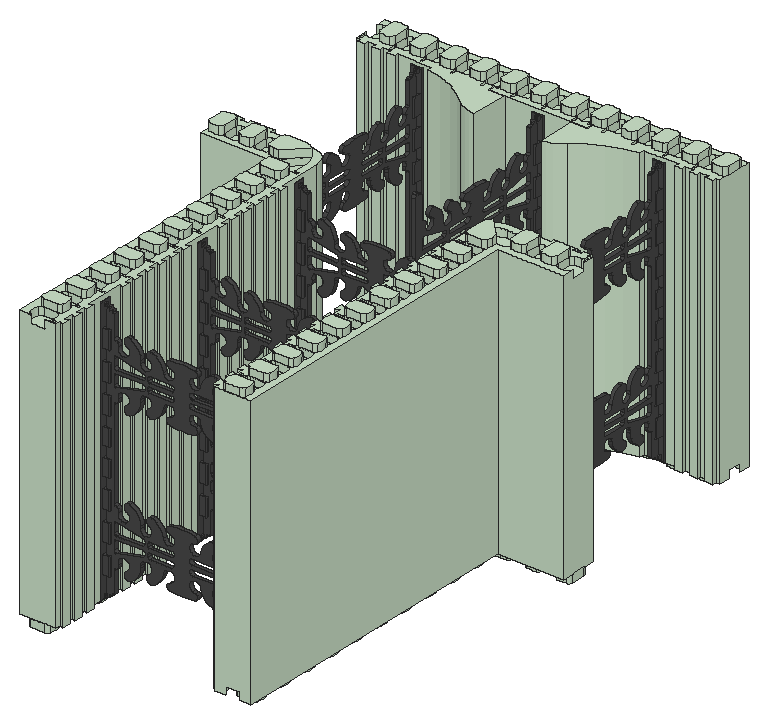
Revit family "ICF- NUDURA 10-inch- Long T Form Unit- Imperial", category Generic Models, Revit 2010 (continued)
Nested families (in)
  nested 74: "Interlock Tooth" at (2, -0.00002, 0) x (-1, 0, 0) z (0, 0, 1), type "Interlock Tooth"
  nested 75: "Interlock Tooth" at (1, -0.00002, -18.5) x (-1, 0, 0) z (0, 0, 1), type "Interlock Tooth"
  nested 76: "Interlock Tooth" at (3, -0.00002, -18.5) x (-1, 0, 0) z (0, 0, 1), type "Interlock Tooth"
  nested 77: "Interlock Tooth" at (0, -0.00002, 0) x (-1, 0, 0) z (0, 0, 1), type "Interlock Tooth"
  nested 78: "NUDURA Logo Diamond" at (21.99744, 5.625, 0) x (-1, 0, 0) z (0, 0, 1), type "NUDURA Logo Diamond"
  nested 79: "NUDURA Diamond Pattern" at (-11.25, -21.99998, 0) x (0, 1, 0) z (0, 0, 1), type "NUDURA Diamond Pattern"
  nested 80: "NUDURA Logo Diamond" at (-5.625, -14.00254, 0) x (0, -1, 0) z (0, 0, 1), type "NUDURA Logo Diamond"
  nested 81: "10-inch Insert Web" at (2, -25.99998, 0) x (0, 1, 0) z (0, 0, 1), type "10-inch Insert Web"
  nested 82: "10-inch Insert Web" at (2, -17.99998, 0) x (0, 1, 0) z (0, 0, 1), type "10-inch Insert Web"
  nested 83: "10-inch Insert Web" at (2, -9.99998, 0) x (0, 1, 0) z (0, 0, 1), type "10-inch Insert Web"
  nested 84: "10-inch Insert Web" at (-6, -1.99998, 0) x (-1, 0, 0) z (0, 0, 1), type "10-inch Insert Web"
  nested 85: "10-inch Insert Web" at (10, -1.99998, 0) x (-1, 0, 0) z (0, 0, 1), type "10-inch Insert Web"
  nested 86: "Interlock Tooth" at (14, -0.00002, 0) x (-1, 0, 0) z (0, 0, 1), type "Interlock Tooth"
  nested 87: "Interlock Tooth" at (13, -0.00002, -18.5) x (-1, 0, 0) z (0, 0, 1), type "Interlock Tooth"
  nested 88: "10-inch Insert Web w One Fastening Strip" at (2, -2, 0) x (-1, 0, 0) z (0, 0, 1), type "10-inch Insert Web w One Fastening Strip"
  nested 89: "NUDURA Diamond Pattern" at (5.99744, 0, 0) x (-1, 0, 0) z (0, 0, 1), type "NUDURA Diamond Pattern"
Definition of nested family "Interlock Tooth"
  Reference planes (in)
    plane 1 "Center (Front/Back)": y = 0
    plane 2: z = 0
    plane 3 "Center (Left/Right)": x = 0
    plane 4: z = 18
    plane 5: z = 18.5
    plane 6: z = -0.5
  Forms (in)
    Extrusion 1, solid, material "NUDURA Expanded Polystyrene Foam Insulation"
      sketch origin (0, -8.875, 0) x (1, 0, 0) y (0, 1, 0)
        loop
          arc (0, 3.97692) -> (0.04785, 3.82983) -> (0.17308, 3.73905) r 0.25
          arc (0.17308, 3.73905) -> (0.5, 3.6875) -> (0.82692, 3.73905) r 1.0625
          arc (0.82692, 3.73905) -> (0.95215, 3.82983) -> (1, 3.97692) r 0.25
          line (1, 3.97692) -> (1, 4.89808)
          arc (1, 4.89808) -> (0.95215, 5.04517) -> (0.82692, 5.13595) r 0.25
          arc (0.82692, 5.13595) -> (0.5, 5.1875) -> (0.17308, 5.13595) r 1.0625
          arc (0.17308, 5.13595) -> (0.04785, 5.04517) -> (0, 4.89808) r 0.25
          line (0, 4.89808) -> (0, 3.97692)
      from 18 to 18.5
  Dimensions and locks (in)
    locked: plane 4 to level at 18
    locked: plane 4 to plane 5 at 0.5
    locked: plane 6 to level at 0.5
Definition of nested family "10-inch Insert Web"
  Reference planes (in)
    plane 1 "Center (Front/Back)": y = 0
    plane 2: z = 0
    plane 3 "Center (Left/Right)": x = 0
  Forms (in)
    Extrusion 1, solid, material "High Density Polystyrene"
      sketch origin (0, 0, 0) x (0, 1, 0) y (0, 0, 1)
        loop
          line (5.25, 0) -> (5.25, 17.74583)
          arc (5.25, 17.74583) -> (5.22112, 17.72608) -> (5.21, 17.69292) r 0.055
          line (5.21, 17.69292) -> (5.21, 0.05292)
          arc (5.21, 0.05292) -> (5.22112, 0.01975) -> (5.25, 0) r 0.055
        loop
          arc (-5.25, 0) -> (-5.22112, 0.01975) -> (-5.21, 0.05292) r 0.055
          line (-5.21, 0.05292) -> (-5.21, 17.69292)
          arc (-5.21, 17.69292) -> (-5.22112, 17.72608) -> (-5.25, 17.74583) r 0.055
          line (-5.25, 17.74583) -> (-5.25, 0)
      from 0.36328 to -0.36328
    Extrusion 2, solid, material "High Density Polystyrene"
      sketch origin (0, 0, 0) x (0, 1, 0) y (0, 0, 1)
        loop
          line (-5.12543, 17.57204) -> (-5.19457, 17.61045)
          arc (-5.19457, 17.61045) -> (-5.20585, 17.62147) -> (-5.21, 17.63668) r 0.03
          line (-5.21, 17.63668) -> (-5.21, 17.38789)
          arc (-5.21, 17.38789) -> (-5.20374, 17.40241) -> (-5.18889, 17.40785) r 0.02
          line (-5.18889, 17.40785) -> (-5.13111, 17.40464)
          arc (-5.13111, 17.40464) -> (-5.11625, 17.41008) -> (-5.11, 17.42461) r 0.02
          line (-5.11, 17.42461) -> (-5.11, 17.54582)
          arc (-5.11, 17.54582) -> (-5.11414, 17.56103) -> (-5.12543, 17.57204) r 0.03
        loop
          line (-4.5, 17.20772) -> (-4.6, 17.20772) -> (-4.6, 17.2388)
          arc (-4.6, 17.2388) -> (-4.61433, 17.27339) -> (-4.64893, 17.28772) r 0.04893
          line (-4.64893, 17.28772) -> (-4.77609, 17.28772) -> (-4.825, 17.43772)
          arc (-4.825, 17.43772) -> (-4.875, 17.46772) -> (-4.925, 17.43772) r 0.05667
          line (-4.925, 17.43772) -> (-5, 17.20772) -> (-5, 0.53811) -> (-4.925, 0.30811)
          arc (-4.925, 0.30811) -> (-4.875, 0.27811) -> (-4.825, 0.30811) r 0.05667
          line (-4.825, 0.30811) -> (-4.77609, 0.45811) -> (-4.64893, 0.45811)
          arc (-4.64893, 0.45811) -> (-4.61433, 0.47244) -> (-4.6, 0.50703) r 0.04893
          line (-4.6, 0.50703) -> (-4.6, 0.53811) -> (-4.5, 0.53811) -> (-4.5, 1.99805)
          arc (-4.5, 1.99805) -> (-4.46384, 2.08535) -> (-4.37654, 2.12151) r 0.12346
          arc (-4.37654, 2.12151) -> (-4.22754, 2.23265) -> (-4.21225, 2.41791) r 0.22602
          arc (-4.21225, 2.41791) -> (-3.72909, 2.89529) -> (-3.67178, 2.21849) r 0.375
          arc (-3.67178, 2.21849) -> (-3.82054, 1.85615) -> (-3.45819, 1.70739) r 0.27697
          arc (-3.45819, 1.70739) -> (-2.94561, 2.10506) -> (-2.74922, 2.72338) r 1.09159
          line (-2.74922, 2.72338) -> (-2.74973, 2.88837)
          arc (-2.74973, 2.88837) -> (-2.17617, 3.17809) -> (-2.18865, 2.53563) r 0.375
          arc (-2.18865, 2.53563) -> (-2.3374, 2.17328) -> (-1.97506, 2.02453) r 0.27697
          arc (-1.97506, 2.02453) -> (-1.47568, 2.34989) -> (-1.23882, 2.89683) r 1.0341
          arc (-1.23882, 2.89683) -> (-0.66526, 3.18654) -> (-0.67773, 2.54409) r 0.375
          arc (-0.67773, 2.54409) -> (-0.76612, 2.51631) -> (-0.85703, 2.49851) r 0.83414
          arc (-0.85703, 2.49851) -> (-1.02215, 2.26789) -> (-0.82272, 2.06619) r 0.22
          arc (-0.82272, 2.06619) -> (-0.41308, 2.01232) -> (0, 2.0035) r 3.77741
          arc (0, 2.0035) -> (0.41308, 2.01232) -> (0.82272, 2.06619) r 3.77741
          arc (0.82272, 2.06619) -> (1.02215, 2.26789) -> (0.85703, 2.49851) r 0.22
          arc (0.85703, 2.49851) -> (0.76612, 2.51631) -> (0.67773, 2.54409) r 0.83414
          arc (0.67773, 2.54409) -> (0.66526, 3.18654) -> (1.23882, 2.89683) r 0.375
          arc (1.23882, 2.89683) -> (1.47568, 2.34989) -> (1.97506, 2.02453) r 1.0341
          arc (1.97506, 2.02453) -> (2.3374, 2.17328) -> (2.18865, 2.53563) r 0.27697
          arc (2.18865, 2.53563) -> (2.17617, 3.17809) -> (2.74973, 2.88837) r 0.375
          line (2.74973, 2.88837) -> (2.74922, 2.72338)
          arc (2.74922, 2.72338) -> (2.94561, 2.10506) -> (3.45819, 1.70739) r 1.09159
          arc (3.45819, 1.70739) -> (3.82054, 1.85615) -> (3.67178, 2.21849) r 0.27697
          arc (3.67178, 2.21849) -> (3.72909, 2.89529) -> (4.21225, 2.41791) r 0.375
          arc (4.21225, 2.41791) -> (4.22754, 2.23265) -> (4.37654, 2.12151) r 0.22602
          arc (4.37654, 2.12151) -> (4.46384, 2.08535) -> (4.5, 1.99805) r 0.12346
          line (4.5, 1.99805) -> (4.5, 0.53811) -> (4.6, 0.53811) -> (4.6, 0.50703)
          arc (4.6, 0.50703) -> (4.61433, 0.47244) -> (4.64893, 0.45811) r 0.04893
          line (4.64893, 0.45811) -> (4.77609, 0.45811) -> (4.825, 0.30811)
          arc (4.825, 0.30811) -> (4.875, 0.27811) -> (4.925, 0.30811) r 0.05667
          line (4.925, 0.30811) -> (5, 0.53811) -> (5, 17.20772) -> (4.925, 17.43772)
          arc (4.925, 17.43772) -> (4.875, 17.46772) -> (4.825, 17.43772) r 0.05667
          line (4.825, 17.43772) -> (4.77609, 17.28772) -> (4.64893, 17.28772)
          arc (4.64893, 17.28772) -> (4.61433, 17.27339) -> (4.6, 17.2388) r 0.04893
          line (4.6, 17.2388) -> (4.6, 17.20772) -> (4.5, 17.20772) -> (4.5, 15.74778)
          arc (4.5, 15.74778) -> (4.46384, 15.66048) -> (4.37654, 15.62433) r 0.12346
          arc (4.37654, 15.62433) -> (4.22754, 15.51319) -> (4.21225, 15.32793) r 0.22602
          arc (4.21225, 15.32793) -> (3.72909, 14.85054) -> (3.67178, 15.52734) r 0.375
          arc (3.67178, 15.52734) -> (3.82054, 15.88969) -> (3.45819, 16.03844) r 0.27697
          arc (3.45819, 16.03844) -> (2.94561, 15.64077) -> (2.74922, 15.02245) r 1.09159
          line (2.74922, 15.02245) -> (2.74973, 14.85746)
          arc (2.74973, 14.85746) -> (2.17617, 14.56774) -> (2.18865, 15.2102) r 0.375
          arc (2.18865, 15.2102) -> (2.3374, 15.57255) -> (1.97506, 15.7213) r 0.27697
          arc (1.97506, 15.7213) -> (1.47568, 15.39594) -> (1.23882, 14.84901) r 1.0341
          arc (1.23882, 14.84901) -> (0.66526, 14.55929) -> (0.67773, 15.20175) r 0.375
          arc (0.67773, 15.20175) -> (0.76612, 15.22952) -> (0.85703, 15.24732) r 0.83414
          arc (0.85703, 15.24732) -> (1.02215, 15.47795) -> (0.82272, 15.67964) r 0.22
          arc (0.82272, 15.67964) -> (0.41308, 15.73351) -> (0, 15.74233) r 3.77741
          arc (0, 15.74233) -> (-0.41308, 15.73351) -> (-0.82272, 15.67964) r 3.77741
          arc (-0.82272, 15.67964) -> (-1.02215, 15.47795) -> (-0.85703, 15.24732) r 0.22
          arc (-0.85703, 15.24732) -> (-0.76612, 15.22952) -> (-0.67773, 15.20175) r 0.83414
          arc (-0.67773, 15.20175) -> (-0.66526, 14.55929) -> (-1.23882, 14.84901) r 0.375
          arc (-1.23882, 14.84901) -> (-1.47568, 15.39594) -> (-1.97506, 15.7213) r 1.0341
          arc (-1.97506, 15.7213) -> (-2.3374, 15.57255) -> (-2.18865, 15.2102) r 0.27697
          arc (-2.18865, 15.2102) -> (-2.17617, 14.56774) -> (-2.74973, 14.85746) r 0.375
          line (-2.74973, 14.85746) -> (-2.74922, 15.02245)
          arc (-2.74922, 15.02245) -> (-2.94561, 15.64077) -> (-3.45819, 16.03844) r 1.09159
          arc (-3.45819, 16.03844) -> (-3.82054, 15.88969) -> (-3.67178, 15.52734) r 0.27697
          arc (-3.67178, 15.52734) -> (-3.72909, 14.85054) -> (-4.21225, 15.32793) r 0.375
          arc (-4.21225, 15.32793) -> (-4.22754, 15.51319) -> (-4.37654, 15.62433) r 0.22602
          arc (-4.37654, 15.62433) -> (-4.46384, 15.66048) -> (-4.5, 15.74778) r 0.12346
          line (-4.5, 15.74778) -> (-4.5, 17.20772)
        loop
          line (-4.5, 11.8098) -> (-4.5, 5.93603)
          arc (-4.5, 5.93603) -> (-4.46384, 5.84874) -> (-4.37654, 5.81258) r 0.12346
          arc (-4.37654, 5.81258) -> (-4.22754, 5.70144) -> (-4.21225, 5.51618) r 0.22602
          arc (-4.21225, 5.51618) -> (-3.72909, 5.0388) -> (-3.67178, 5.71559) r 0.375
          arc (-3.67178, 5.71559) -> (-3.82054, 6.07794) -> (-3.45819, 6.2267) r 0.27697
          arc (-3.45819, 6.2267) -> (-2.94561, 5.82902) -> (-2.74922, 5.2107) r 1.09159
          line (-2.74922, 5.2107) -> (-2.74973, 5.04572)
          arc (-2.74973, 5.04572) -> (-2.17617, 4.756) -> (-2.18865, 5.39846) r 0.375
          arc (-2.18865, 5.39846) -> (-2.3374, 5.7608) -> (-1.97506, 5.90956) r 0.27697
          arc (-1.97506, 5.90956) -> (-1.47568, 5.58419) -> (-1.23882, 5.03726) r 1.0341
          arc (-1.23882, 5.03726) -> (-0.66526, 4.74754) -> (-0.67773, 5.39) r 0.375
          arc (-0.67773, 5.39) -> (-0.76612, 5.41777) -> (-0.85703, 5.43557) r 0.83414
          arc (-0.85703, 5.43557) -> (-1.02215, 5.6662) -> (-0.82272, 5.86789) r 0.22
          arc (-0.82272, 5.86789) -> (-0.41308, 5.92177) -> (0, 5.93058) r 3.77741
          arc (0, 5.93058) -> (0.41308, 5.92177) -> (0.82272, 5.86789) r 3.77741
          arc (0.82272, 5.86789) -> (1.02215, 5.6662) -> (0.85703, 5.43557) r 0.22
          arc (0.85703, 5.43557) -> (0.76612, 5.41777) -> (0.67773, 5.39) r 0.83414
          arc (0.67773, 5.39) -> (0.66526, 4.74754) -> (1.23882, 5.03726) r 0.375
          arc (1.23882, 5.03726) -> (1.47568, 5.58419) -> (1.97506, 5.90956) r 1.0341
          arc (1.97506, 5.90956) -> (2.3374, 5.7608) -> (2.18865, 5.39846) r 0.27697
          arc (2.18865, 5.39846) -> (2.17617, 4.756) -> (2.74973, 5.04572) r 0.375
          line (2.74973, 5.04572) -> (2.74922, 5.2107)
          arc (2.74922, 5.2107) -> (2.94561, 5.82902) -> (3.45819, 6.2267) r 1.09159
          arc (3.45819, 6.2267) -> (3.82054, 6.07794) -> (3.67178, 5.71559) r 0.27697
          arc (3.67178, 5.71559) -> (3.72909, 5.0388) -> (4.21225, 5.51618) r 0.375
          arc (4.21225, 5.51618) -> (4.22754, 5.70144) -> (4.37654, 5.81258) r 0.22602
          arc (4.37654, 5.81258) -> (4.46384, 5.84874) -> (4.5, 5.93603) r 0.12346
          line (4.5, 5.93603) -> (4.5, 11.8098)
          arc (4.5, 11.8098) -> (4.46384, 11.89709) -> (4.37654, 11.93325) r 0.12346
          arc (4.37654, 11.93325) -> (4.22754, 12.04439) -> (4.21225, 12.22965) r 0.22602
          arc (4.21225, 12.22965) -> (3.72909, 12.70704) -> (3.67178, 12.03024) r 0.375
          arc (3.67178, 12.03024) -> (3.82054, 11.66789) -> (3.45819, 11.51914) r 0.27697
          arc (3.45819, 11.51914) -> (2.94561, 11.91681) -> (2.74922, 12.53513) r 1.09159
          line (2.74922, 12.53513) -> (2.74973, 12.70012)
          arc (2.74973, 12.70012) -> (2.17617, 12.98983) -> (2.18865, 12.34738) r 0.375
          arc (2.18865, 12.34738) -> (2.3374, 11.98503) -> (1.97506, 11.83627) r 0.27697
          arc (1.97506, 11.83627) -> (1.47568, 12.16164) -> (1.23882, 12.70857) r 1.0341
          arc (1.23882, 12.70857) -> (0.66526, 12.99829) -> (0.67773, 12.35583) r 0.375
          arc (0.67773, 12.35583) -> (0.76612, 12.32806) -> (0.85703, 12.31026) r 0.83414
          arc (0.85703, 12.31026) -> (1.02215, 12.07963) -> (0.82272, 11.87794) r 0.22
          arc (0.82272, 11.87794) -> (0.41308, 11.82406) -> (0, 11.81525) r 3.77741
          arc (0, 11.81525) -> (-0.41308, 11.82406) -> (-0.82272, 11.87794) r 3.77741
          arc (-0.82272, 11.87794) -> (-1.02215, 12.07963) -> (-0.85703, 12.31026) r 0.22
          arc (-0.85703, 12.31026) -> (-0.76612, 12.32806) -> (-0.67773, 12.35583) r 0.83414
          arc (-0.67773, 12.35583) -> (-0.66526, 12.99829) -> (-1.23882, 12.70857) r 0.375
          arc (-1.23882, 12.70857) -> (-1.47568, 12.16164) -> (-1.97506, 11.83627) r 1.0341
          arc (-1.97506, 11.83627) -> (-2.3374, 11.98503) -> (-2.18865, 12.34738) r 0.27697
          arc (-2.18865, 12.34738) -> (-2.17617, 12.98983) -> (-2.74973, 12.70012) r 0.375
          line (-2.74973, 12.70012) -> (-2.74922, 12.53513)
          arc (-2.74922, 12.53513) -> (-2.94561, 11.91681) -> (-3.45819, 11.51914) r 1.09159
          arc (-3.45819, 11.51914) -> (-3.82054, 11.66789) -> (-3.67178, 12.03024) r 0.27697
          arc (-3.67178, 12.03024) -> (-3.72909, 12.70704) -> (-4.21225, 12.22965) r 0.375
          arc (-4.21225, 12.22965) -> (-4.22754, 12.04439) -> (-4.37654, 11.93325) r 0.22602
          arc (-4.37654, 11.93325) -> (-4.46384, 11.89709) -> (-4.5, 11.8098) r 0.12346
        loop
          arc (-4.33112, 14.73097) -> (-4.45054, 14.68151) -> (-4.5, 14.56209) r 0.16888
          line (-4.5, 14.56209) -> (-4.5, 14.04372)
          arc (-4.5, 14.04372) -> (-4.44996, 13.92293) -> (-4.32917, 13.87289) r 0.17083
          line (-4.32917, 13.87289) -> (-2.57764, 13.87289)
          arc (-2.57764, 13.87289) -> (-2.48926, 13.9095) -> (-2.45264, 13.99789) r 0.125
          line (-2.45264, 13.99789) -> (-2.45264, 14.21018)
          arc (-2.45264, 14.21018) -> (-2.48008, 14.28832) -> (-2.55033, 14.33216) r 0.125
          line (-2.55033, 14.33216) -> (-4.33112, 14.73097)
        loop
          line (-2.26514, 14.18276) -> (-2.26514, 13.99876)
          arc (-2.26514, 13.99876) -> (-2.22853, 13.91037) -> (-2.14014, 13.87376) r 0.125
          line (-2.14014, 13.87376) -> (-0.70065, 13.87376)
          arc (-0.70065, 13.87376) -> (-0.48365, 14.09076) -> (-0.70065, 14.30776) r 0.217
          line (-0.70065, 14.30776) -> (-2.14014, 14.30776)
          arc (-2.14014, 14.30776) -> (-2.22853, 14.27115) -> (-2.26514, 14.18276) r 0.125
        loop
          line (-4.33112, 12.82661) -> (-2.55033, 13.22542)
          arc (-2.55033, 13.22542) -> (-2.48008, 13.26926) -> (-2.45264, 13.3474) r 0.125
          line (-2.45264, 13.3474) -> (-2.45264, 13.55969)
          arc (-2.45264, 13.55969) -> (-2.48926, 13.64807) -> (-2.57764, 13.68469) r 0.125
          line (-2.57764, 13.68469) -> (-4.32917, 13.68469)
          arc (-4.32917, 13.68469) -> (-4.44996, 13.63465) -> (-4.5, 13.51386) r 0.17083
          line (-4.5, 13.51386) -> (-4.5, 12.99549)
          arc (-4.5, 12.99549) -> (-4.45054, 12.87607) -> (-4.33112, 12.82661) r 0.16888
        loop
          arc (-2.26514, 13.37482) -> (-2.22853, 13.28643) -> (-2.14014, 13.24982) r 0.125
          line (-2.14014, 13.24982) -> (-0.70065, 13.24982)
          arc (-0.70065, 13.24982) -> (-0.48365, 13.46682) -> (-0.70065, 13.68382) r 0.217
          line (-0.70065, 13.68382) -> (-2.14014, 13.68382)
          arc (-2.14014, 13.68382) -> (-2.22853, 13.64721) -> (-2.26514, 13.55882) r 0.125
          line (-2.26514, 13.55882) -> (-2.26514, 13.37482)
        loop
          arc (5.12543, 17.57204) -> (5.11414, 17.56103) -> (5.11, 17.54582) r 0.03
          line (5.11, 17.54582) -> (5.11, 17.42461)
          arc (5.11, 17.42461) -> (5.11625, 17.41008) -> (5.13111, 17.40464) r 0.02
          line (5.13111, 17.40464) -> (5.18889, 17.40785)
          arc (5.18889, 17.40785) -> (5.20374, 17.40241) -> (5.21, 17.38789) r 0.02
          line (5.21, 17.38789) -> (5.21, 17.63668)
          arc (5.21, 17.63668) -> (5.20585, 17.62147) -> (5.19457, 17.61045) r 0.03
          line (5.19457, 17.61045) -> (5.12543, 17.57204)
        loop
          line (4.33112, 14.73097) -> (2.55033, 14.33216)
          arc (2.55033, 14.33216) -> (2.48008, 14.28832) -> (2.45264, 14.21018) r 0.125
          line (2.45264, 14.21018) -> (2.45264, 13.99789)
          arc (2.45264, 13.99789) -> (2.48926, 13.9095) -> (2.57764, 13.87289) r 0.125
          line (2.57764, 13.87289) -> (4.32917, 13.87289)
          arc (4.32917, 13.87289) -> (4.44996, 13.92293) -> (4.5, 14.04372) r 0.17083
          line (4.5, 14.04372) -> (4.5, 14.56209)
          arc (4.5, 14.56209) -> (4.45054, 14.68151) -> (4.33112, 14.73097) r 0.16888
        loop
          arc (2.26514, 14.18276) -> (2.22853, 14.27115) -> (2.14014, 14.30776) r 0.125
          line (2.14014, 14.30776) -> (0.70065, 14.30776)
          arc (0.70065, 14.30776) -> (0.48365, 14.09076) -> (0.70065, 13.87376) r 0.217
          line (0.70065, 13.87376) -> (2.14014, 13.87376)
          arc (2.14014, 13.87376) -> (2.22853, 13.91037) -> (2.26514, 13.99876) r 0.125
          line (2.26514, 13.99876) -> (2.26514, 14.18276)
        loop
          arc (4.33112, 12.82661) -> (4.45054, 12.87607) -> (4.5, 12.99549) r 0.16888
          line (4.5, 12.99549) -> (4.5, 13.51386)
          arc (4.5, 13.51386) -> (4.44996, 13.63465) -> (4.32917, 13.68469) r 0.17083
          line (4.32917, 13.68469) -> (2.57764, 13.68469)
          arc (2.57764, 13.68469) -> (2.48926, 13.64807) -> (2.45264, 13.55969) r 0.125
          line (2.45264, 13.55969) -> (2.45264, 13.3474)
          arc (2.45264, 13.3474) -> (2.48008, 13.26926) -> (2.55033, 13.22542) r 0.125
          line (2.55033, 13.22542) -> (4.33112, 12.82661)
        loop
          line (2.26514, 13.37482) -> (2.26514, 13.55882)
          arc (2.26514, 13.55882) -> (2.22853, 13.64721) -> (2.14014, 13.68382) r 0.125
          line (2.14014, 13.68382) -> (0.70065, 13.68382)
          arc (0.70065, 13.68382) -> (0.48365, 13.46682) -> (0.70065, 13.24982) r 0.217
          line (0.70065, 13.24982) -> (2.14014, 13.24982)
          arc (2.14014, 13.24982) -> (2.22853, 13.28643) -> (2.26514, 13.37482) r 0.125
        loop
          arc (-5.12543, 0.17379) -> (-5.11414, 0.1848) -> (-5.11, 0.20001) r 0.03
          line (-5.11, 0.20001) -> (-5.11, 0.32122)
          arc (-5.11, 0.32122) -> (-5.11625, 0.33575) -> (-5.13111, 0.34119) r 0.02
          line (-5.13111, 0.34119) -> (-5.18889, 0.33798)
          arc (-5.18889, 0.33798) -> (-5.20374, 0.34342) -> (-5.21, 0.35795) r 0.02
          line (-5.21, 0.35795) -> (-5.21, 0.10915)
          arc (-5.21, 0.10915) -> (-5.20585, 0.12437) -> (-5.19457, 0.13538) r 0.03
          line (-5.19457, 0.13538) -> (-5.12543, 0.17379)
        loop
          line (-4.33112, 3.01486) -> (-2.55033, 3.41367)
          arc (-2.55033, 3.41367) -> (-2.48008, 3.45752) -> (-2.45264, 3.53565) r 0.125
          line (-2.45264, 3.53565) -> (-2.45264, 3.74794)
          arc (-2.45264, 3.74794) -> (-2.48926, 3.83633) -> (-2.57764, 3.87294) r 0.125
          line (-2.57764, 3.87294) -> (-4.32917, 3.87294)
          arc (-4.32917, 3.87294) -> (-4.44996, 3.8229) -> (-4.5, 3.70211) r 0.17083
          line (-4.5, 3.70211) -> (-4.5, 3.18374)
          arc (-4.5, 3.18374) -> (-4.45054, 3.06432) -> (-4.33112, 3.01486) r 0.16888
        loop
          arc (-2.26514, 3.56307) -> (-2.22853, 3.47469) -> (-2.14014, 3.43807) r 0.125
          line (-2.14014, 3.43807) -> (-0.70065, 3.43807)
          arc (-0.70065, 3.43807) -> (-0.48365, 3.65507) -> (-0.70065, 3.87207) r 0.217
          line (-0.70065, 3.87207) -> (-2.14014, 3.87207)
          arc (-2.14014, 3.87207) -> (-2.22853, 3.83546) -> (-2.26514, 3.74707) r 0.125
          line (-2.26514, 3.74707) -> (-2.26514, 3.56307)
        loop
          arc (-4.33112, 4.91923) -> (-4.45054, 4.86976) -> (-4.5, 4.75034) r 0.16888
          line (-4.5, 4.75034) -> (-4.5, 4.23198)
          arc (-4.5, 4.23198) -> (-4.44996, 4.11118) -> (-4.32917, 4.06115) r 0.17083
          line (-4.32917, 4.06115) -> (-2.57764, 4.06115)
          arc (-2.57764, 4.06115) -> (-2.48926, 4.09776) -> (-2.45264, 4.18615) r 0.125
          line (-2.45264, 4.18615) -> (-2.45264, 4.39843)
          arc (-2.45264, 4.39843) -> (-2.48008, 4.47657) -> (-2.55033, 4.52041) r 0.125
          line (-2.55033, 4.52041) -> (-4.33112, 4.91923)
        loop
          line (-2.26514, 4.37101) -> (-2.26514, 4.18701)
          arc (-2.26514, 4.18701) -> (-2.22853, 4.09863) -> (-2.14014, 4.06201) r 0.125
          line (-2.14014, 4.06201) -> (-0.70065, 4.06201)
          arc (-0.70065, 4.06201) -> (-0.48365, 4.27901) -> (-0.70065, 4.49601) r 0.217
          line (-0.70065, 4.49601) -> (-2.14014, 4.49601)
          arc (-2.14014, 4.49601) -> (-2.22853, 4.4594) -> (-2.26514, 4.37101) r 0.125
        loop
          line (5.12543, 0.17379) -> (5.19457, 0.13538)
          arc (5.19457, 0.13538) -> (5.20585, 0.12437) -> (5.21, 0.10915) r 0.03
          line (5.21, 0.10915) -> (5.21, 0.35795)
          arc (5.21, 0.35795) -> (5.20374, 0.34342) -> (5.18889, 0.33798) r 0.02
          line (5.18889, 0.33798) -> (5.13111, 0.34119)
          arc (5.13111, 0.34119) -> (5.11625, 0.33575) -> (5.11, 0.32122) r 0.02
          line (5.11, 0.32122) -> (5.11, 0.20001)
          arc (5.11, 0.20001) -> (5.11414, 0.1848) -> (5.12543, 0.17379) r 0.03
        loop
          arc (4.33112, 3.01486) -> (4.45054, 3.06432) -> (4.5, 3.18374) r 0.16888
          line (4.5, 3.18374) -> (4.5, 3.70211)
          arc (4.5, 3.70211) -> (4.44996, 3.8229) -> (4.32917, 3.87294) r 0.17083
          line (4.32917, 3.87294) -> (2.57764, 3.87294)
          arc (2.57764, 3.87294) -> (2.48926, 3.83633) -> (2.45264, 3.74794) r 0.125
          line (2.45264, 3.74794) -> (2.45264, 3.53565)
          arc (2.45264, 3.53565) -> (2.48008, 3.45752) -> (2.55033, 3.41367) r 0.125
          line (2.55033, 3.41367) -> (4.33112, 3.01486)
        loop
          line (2.26514, 3.56307) -> (2.26514, 3.74707)
          arc (2.26514, 3.74707) -> (2.22853, 3.83546) -> (2.14014, 3.87207) r 0.125
          line (2.14014, 3.87207) -> (0.70065, 3.87207)
          arc (0.70065, 3.87207) -> (0.48365, 3.65507) -> (0.70065, 3.43807) r 0.217
          line (0.70065, 3.43807) -> (2.14014, 3.43807)
          arc (2.14014, 3.43807) -> (2.22853, 3.47469) -> (2.26514, 3.56307) r 0.125
        loop
          line (4.33112, 4.91923) -> (2.55033, 4.52041)
          arc (2.55033, 4.52041) -> (2.48008, 4.47657) -> (2.45264, 4.39843) r 0.125
          line (2.45264, 4.39843) -> (2.45264, 4.18615)
          arc (2.45264, 4.18615) -> (2.48926, 4.09776) -> (2.57764, 4.06115) r 0.125
          line (2.57764, 4.06115) -> (4.32917, 4.06115)
          arc (4.32917, 4.06115) -> (4.44996, 4.11118) -> (4.5, 4.23198) r 0.17083
          line (4.5, 4.23198) -> (4.5, 4.75034)
          arc (4.5, 4.75034) -> (4.45054, 4.86976) -> (4.33112, 4.91923) r 0.16888
        loop
          arc (2.26514, 4.37101) -> (2.22853, 4.4594) -> (2.14014, 4.49601) r 0.125
          line (2.14014, 4.49601) -> (0.70065, 4.49601)
          arc (0.70065, 4.49601) -> (0.48365, 4.27901) -> (0.70065, 4.06201) r 0.217
          line (0.70065, 4.06201) -> (2.14014, 4.06201)
          arc (2.14014, 4.06201) -> (2.22853, 4.09863) -> (2.26514, 4.18701) r 0.125
          line (2.26514, 4.18701) -> (2.26514, 4.37101)
      from 0.125 to -0.125
    Extrusion 3, solid, material "High Density Polystyrene"
      sketch origin (0, 0, 0) x (0, 1, 0) y (0, 0, 1)
        loop
          line (5.21, 16.17792) -> (4.71, 16.17792) -> (4.71, 14.97792) -> (5.21, 14.97792) -> (5.21, 16.17792)
        loop
          line (5.21, 14.22792) -> (4.71, 14.22792) -> (4.71, 13.02792) -> (5.21, 13.02792) -> (5.21, 14.22792)
        loop
          line (5.21, 12.27792) -> (4.71, 12.27792) -> (4.71, 11.07792) -> (5.21, 11.07792) -> (5.21, 12.27792)
        loop
          line (5.21, 10.32792) -> (4.71, 10.32792) -> (4.71, 9.24792) -> (5.21, 9.24792) -> (5.21, 10.32792)
        loop
          line (5.21, 8.49792) -> (4.71, 8.49792) -> (4.71, 7.41792) -> (5.21, 7.41792) -> (5.21, 8.49792)
        loop
          line (5.21, 6.66792) -> (4.71, 6.66792) -> (4.71, 5.46792) -> (5.21, 5.46792) -> (5.21, 6.66792)
        loop
          line (5.21, 4.71792) -> (4.71, 4.71792) -> (4.71, 3.51792) -> (5.21, 3.51792) -> (5.21, 4.71792)
        loop
          line (5.21, 2.76792) -> (4.71, 2.76792) -> (4.71, 1.56792) -> (5.21, 1.56792) -> (5.21, 2.76792)
        loop
          line (-5.21, 16.17792) -> (-5.21, 14.97792) -> (-4.71, 14.97792) -> (-4.71, 16.17792) -> (-5.21, 16.17792)
        loop
          line (-5.21, 14.22792) -> (-5.21, 13.02792) -> (-4.71, 13.02792) -> (-4.71, 14.22792) -> (-5.21, 14.22792)
        loop
          line (-5.21, 12.27792) -> (-5.21, 11.07792) -> (-4.71, 11.07792) -> (-4.71, 12.27792) -> (-5.21, 12.27792)
        loop
          line (-5.21, 10.32792) -> (-5.21, 9.24792) -> (-4.71, 9.24792) -> (-4.71, 10.32792) -> (-5.21, 10.32792)
        loop
          line (-5.21, 8.49792) -> (-5.21, 7.41792) -> (-4.71, 7.41792) -> (-4.71, 8.49792) -> (-5.21, 8.49792)
        loop
          line (-5.21, 6.66792) -> (-5.21, 5.46792) -> (-4.71, 5.46792) -> (-4.71, 6.66792) -> (-5.21, 6.66792)
        loop
          line (-5.21, 4.71792) -> (-5.21, 3.51792) -> (-4.71, 3.51792) -> (-4.71, 4.71792) -> (-5.21, 4.71792)
        loop
          line (-5.21, 2.76792) -> (-5.21, 1.56792) -> (-4.71, 1.56792) -> (-4.71, 2.76792) -> (-5.21, 2.76792)
      from 0.25 to -0.25
    Extrusion 4, void
      sketch origin (0, 2, 0) x (1, 0, 0) y (0, 1, 0)
        loop
          line (-0.25, 2.79249) -> (-0.25, 2.71) -> (-0.1675, 2.71)
          arc (-0.1675, 2.71) -> (-0.22584, 2.73416) -> (-0.25, 2.79249) r 0.0825
      from 0 to 18
    Extrusion 5, void
      sketch origin (0, 2, 0) x (-1, 0, 0) y (0, -1, 0)
        loop
          arc (-0.25, -2.79249) -> (-0.22584, -2.73416) -> (-0.1675, -2.71) r 0.0825
          line (-0.1675, -2.71) -> (-0.25, -2.71) -> (-0.25, -2.79249)
      from 0 to 18
    Extrusion 6, void
      sketch origin (0, -2, 0) x (1, 0, 0) y (0, 1, 0)
        loop
          arc (-0.25, -2.79249) -> (-0.22584, -2.73416) -> (-0.1675, -2.71) r 0.0825
          line (-0.1675, -2.71) -> (-0.25, -2.71) -> (-0.25, -2.79249)
      from 0 to 18
    Extrusion 7, void
      sketch origin (0, -2, 0) x (-1, 0, 0) y (0, -1, 0)
        loop
          line (-0.25, 2.79249) -> (-0.25, 2.71) -> (-0.1675, 2.71)
          arc (-0.1675, 2.71) -> (-0.22584, 2.73416) -> (-0.25, 2.79249) r 0.0825
      from 0 to 18
  Cuts and joins
    Extrusion 4, Extrusion 5, Extrusion 6, Extrusion 7 cuts Extrusion 1
    Extrusion 4, Extrusion 5, Extrusion 6, Extrusion 7 cuts Extrusion 3
Definition of nested family "10-inch Insert Web w One Fastening Strip"
  Reference planes (in)
    plane 1 "Center (Front/Back)": y = 0
    plane 2: z = 0
    plane 3 "Center (Left/Right)": x = 0
  Forms (in)
    Extrusion 1, solid, material "High Density Polystyrene"
      sketch origin (0, 0, 0) x (0, 1, 0) y (0, 0, 1)
        loop
          arc (-5.25, 0) -> (-5.22112, 0.01975) -> (-5.21, 0.05292) r 0.055
          line (-5.21, 0.05292) -> (-5.21, 17.69292)
          arc (-5.21, 17.69292) -> (-5.22112, 17.72608) -> (-5.25, 17.74583) r 0.055
          line (-5.25, 17.74583) -> (-5.25, 0)
      from 0.36328 to -0.36328
    Extrusion 2, solid, material "High Density Polystyrene"
      sketch origin (0, 0, 0) x (0, 1, 0) y (0, 0, 1)
        loop
          line (-5.12543, 17.57204) -> (-5.19457, 17.61045)
          arc (-5.19457, 17.61045) -> (-5.20585, 17.62147) -> (-5.21, 17.63668) r 0.03
          line (-5.21, 17.63668) -> (-5.21, 17.38789)
          arc (-5.21, 17.38789) -> (-5.20374, 17.40241) -> (-5.18889, 17.40785) r 0.02
          line (-5.18889, 17.40785) -> (-5.13111, 17.40464)
          arc (-5.13111, 17.40464) -> (-5.11625, 17.41008) -> (-5.11, 17.42461) r 0.02
          line (-5.11, 17.42461) -> (-5.11, 17.54582)
          arc (-5.11, 17.54582) -> (-5.11414, 17.56103) -> (-5.12543, 17.57204) r 0.03
        loop
          line (-4.5, 17.20772) -> (-4.6, 17.20772) -> (-4.6, 17.2388)
          arc (-4.6, 17.2388) -> (-4.61433, 17.27339) -> (-4.64893, 17.28772) r 0.04893
          line (-4.64893, 17.28772) -> (-4.77609, 17.28772) -> (-4.825, 17.43772)
          arc (-4.825, 17.43772) -> (-4.875, 17.46772) -> (-4.925, 17.43772) r 0.05667
          line (-4.925, 17.43772) -> (-5, 17.20772) -> (-5, 0.53811) -> (-4.925, 0.30811)
          arc (-4.925, 0.30811) -> (-4.875, 0.27811) -> (-4.825, 0.30811) r 0.05667
          line (-4.825, 0.30811) -> (-4.77609, 0.45811) -> (-4.64893, 0.45811)
          arc (-4.64893, 0.45811) -> (-4.61433, 0.47244) -> (-4.6, 0.50703) r 0.04893
          line (-4.6, 0.50703) -> (-4.6, 0.53811) -> (-4.5, 0.53811) -> (-4.5, 1.99805)
          arc (-4.5, 1.99805) -> (-4.46384, 2.08535) -> (-4.37654, 2.12151) r 0.12346
          arc (-4.37654, 2.12151) -> (-4.22754, 2.23265) -> (-4.21225, 2.41791) r 0.22602
          arc (-4.21225, 2.41791) -> (-3.72909, 2.89529) -> (-3.67178, 2.21849) r 0.375
          arc (-3.67178, 2.21849) -> (-3.82054, 1.85615) -> (-3.45819, 1.70739) r 0.27697
          arc (-3.45819, 1.70739) -> (-2.94561, 2.10506) -> (-2.74922, 2.72338) r 1.09159
          line (-2.74922, 2.72338) -> (-2.74973, 2.88837)
          arc (-2.74973, 2.88837) -> (-2.17617, 3.17809) -> (-2.18865, 2.53563) r 0.375
          arc (-2.18865, 2.53563) -> (-2.3374, 2.17328) -> (-1.97506, 2.02453) r 0.27697
          arc (-1.97506, 2.02453) -> (-1.47568, 2.34989) -> (-1.23882, 2.89683) r 1.0341
          arc (-1.23882, 2.89683) -> (-0.66526, 3.18654) -> (-0.67773, 2.54409) r 0.375
          arc (-0.67773, 2.54409) -> (-0.76612, 2.51631) -> (-0.85703, 2.49851) r 0.83414
          arc (-0.85703, 2.49851) -> (-1.02215, 2.26789) -> (-0.82272, 2.06619) r 0.22
          arc (-0.82272, 2.06619) -> (-0.41308, 2.01232) -> (0, 2.0035) r 3.77741
          arc (0, 2.0035) -> (0.41308, 2.01232) -> (0.82272, 2.06619) r 3.77741
          arc (0.82272, 2.06619) -> (1.02215, 2.26789) -> (0.85703, 2.49851) r 0.22
          arc (0.85703, 2.49851) -> (0.76612, 2.51631) -> (0.67773, 2.54409) r 0.83414
          arc (0.67773, 2.54409) -> (0.66526, 3.18654) -> (1.23882, 2.89683) r 0.375
          arc (1.23882, 2.89683) -> (1.47568, 2.34989) -> (1.97506, 2.02453) r 1.0341
          arc (1.97506, 2.02453) -> (2.3374, 2.17328) -> (2.18865, 2.53563) r 0.27697
          arc (2.18865, 2.53563) -> (2.17617, 3.17809) -> (2.74973, 2.88837) r 0.375
          line (2.74973, 2.88837) -> (2.74922, 2.72338)
          arc (2.74922, 2.72338) -> (2.94561, 2.10506) -> (3.45819, 1.70739) r 1.09159
          arc (3.45819, 1.70739) -> (3.82054, 1.85615) -> (3.67178, 2.21849) r 0.27697
          arc (3.67178, 2.21849) -> (3.72909, 2.89529) -> (4.21225, 2.41791) r 0.375
          arc (4.21225, 2.41791) -> (4.22754, 2.23265) -> (4.37654, 2.12151) r 0.22602
          arc (4.37654, 2.12151) -> (4.46384, 2.08535) -> (4.5, 1.99805) r 0.12346
          line (4.5, 1.99805) -> (4.5, 0.53811) -> (4.6, 0.53811) -> (4.6, 0.50703)
          arc (4.6, 0.50703) -> (4.61433, 0.47244) -> (4.64893, 0.45811) r 0.04893
          line (4.64893, 0.45811) -> (4.77609, 0.45811) -> (4.825, 0.30811)
          arc (4.825, 0.30811) -> (4.875, 0.27811) -> (4.925, 0.30811) r 0.05667
          line (4.925, 0.30811) -> (5, 0.53811) -> (5, 17.20772) -> (4.925, 17.43772)
          arc (4.925, 17.43772) -> (4.875, 17.46772) -> (4.825, 17.43772) r 0.05667
          line (4.825, 17.43772) -> (4.77609, 17.28772) -> (4.64893, 17.28772)
          arc (4.64893, 17.28772) -> (4.61433, 17.27339) -> (4.6, 17.2388) r 0.04893
          line (4.6, 17.2388) -> (4.6, 17.20772) -> (4.5, 17.20772) -> (4.5, 15.74778)
          arc (4.5, 15.74778) -> (4.46384, 15.66048) -> (4.37654, 15.62433) r 0.12346
          arc (4.37654, 15.62433) -> (4.22754, 15.51319) -> (4.21225, 15.32793) r 0.22602
          arc (4.21225, 15.32793) -> (3.72909, 14.85054) -> (3.67178, 15.52734) r 0.375
          arc (3.67178, 15.52734) -> (3.82054, 15.88969) -> (3.45819, 16.03844) r 0.27697
          arc (3.45819, 16.03844) -> (2.94561, 15.64077) -> (2.74922, 15.02245) r 1.09159
          line (2.74922, 15.02245) -> (2.74973, 14.85746)
          arc (2.74973, 14.85746) -> (2.17617, 14.56774) -> (2.18865, 15.2102) r 0.375
          arc (2.18865, 15.2102) -> (2.3374, 15.57255) -> (1.97506, 15.7213) r 0.27697
          arc (1.97506, 15.7213) -> (1.47568, 15.39594) -> (1.23882, 14.84901) r 1.0341
          arc (1.23882, 14.84901) -> (0.66526, 14.55929) -> (0.67773, 15.20175) r 0.375
          arc (0.67773, 15.20175) -> (0.76612, 15.22952) -> (0.85703, 15.24732) r 0.83414
          arc (0.85703, 15.24732) -> (1.02215, 15.47795) -> (0.82272, 15.67964) r 0.22
          arc (0.82272, 15.67964) -> (0.41308, 15.73351) -> (0, 15.74233) r 3.77741
          arc (0, 15.74233) -> (-0.41308, 15.73351) -> (-0.82272, 15.67964) r 3.77741
          arc (-0.82272, 15.67964) -> (-1.02215, 15.47795) -> (-0.85703, 15.24732) r 0.22
          arc (-0.85703, 15.24732) -> (-0.76612, 15.22952) -> (-0.67773, 15.20175) r 0.83414
          arc (-0.67773, 15.20175) -> (-0.66526, 14.55929) -> (-1.23882, 14.84901) r 0.375
          arc (-1.23882, 14.84901) -> (-1.47568, 15.39594) -> (-1.97506, 15.7213) r 1.0341
          arc (-1.97506, 15.7213) -> (-2.3374, 15.57255) -> (-2.18865, 15.2102) r 0.27697
          arc (-2.18865, 15.2102) -> (-2.17617, 14.56774) -> (-2.74973, 14.85746) r 0.375
          line (-2.74973, 14.85746) -> (-2.74922, 15.02245)
          arc (-2.74922, 15.02245) -> (-2.94561, 15.64077) -> (-3.45819, 16.03844) r 1.09159
          arc (-3.45819, 16.03844) -> (-3.82054, 15.88969) -> (-3.67178, 15.52734) r 0.27697
          arc (-3.67178, 15.52734) -> (-3.72909, 14.85054) -> (-4.21225, 15.32793) r 0.375
          arc (-4.21225, 15.32793) -> (-4.22754, 15.51319) -> (-4.37654, 15.62433) r 0.22602
          arc (-4.37654, 15.62433) -> (-4.46384, 15.66048) -> (-4.5, 15.74778) r 0.12346
          line (-4.5, 15.74778) -> (-4.5, 17.20772)
        loop
          line (-4.5, 11.8098) -> (-4.5, 5.93603)
          arc (-4.5, 5.93603) -> (-4.46384, 5.84874) -> (-4.37654, 5.81258) r 0.12346
          arc (-4.37654, 5.81258) -> (-4.22754, 5.70144) -> (-4.21225, 5.51618) r 0.22602
          arc (-4.21225, 5.51618) -> (-3.72909, 5.0388) -> (-3.67178, 5.71559) r 0.375
          arc (-3.67178, 5.71559) -> (-3.82054, 6.07794) -> (-3.45819, 6.2267) r 0.27697
          arc (-3.45819, 6.2267) -> (-2.94561, 5.82902) -> (-2.74922, 5.2107) r 1.09159
          line (-2.74922, 5.2107) -> (-2.74973, 5.04572)
          arc (-2.74973, 5.04572) -> (-2.17617, 4.756) -> (-2.18865, 5.39846) r 0.375
          arc (-2.18865, 5.39846) -> (-2.3374, 5.7608) -> (-1.97506, 5.90956) r 0.27697
          arc (-1.97506, 5.90956) -> (-1.47568, 5.58419) -> (-1.23882, 5.03726) r 1.0341
          arc (-1.23882, 5.03726) -> (-0.66526, 4.74754) -> (-0.67773, 5.39) r 0.375
          arc (-0.67773, 5.39) -> (-0.76612, 5.41777) -> (-0.85703, 5.43557) r 0.83414
          arc (-0.85703, 5.43557) -> (-1.02215, 5.6662) -> (-0.82272, 5.86789) r 0.22
          arc (-0.82272, 5.86789) -> (-0.41308, 5.92177) -> (0, 5.93058) r 3.77741
          arc (0, 5.93058) -> (0.41308, 5.92177) -> (0.82272, 5.86789) r 3.77741
          arc (0.82272, 5.86789) -> (1.02215, 5.6662) -> (0.85703, 5.43557) r 0.22
          arc (0.85703, 5.43557) -> (0.76612, 5.41777) -> (0.67773, 5.39) r 0.83414
          arc (0.67773, 5.39) -> (0.66526, 4.74754) -> (1.23882, 5.03726) r 0.375
          arc (1.23882, 5.03726) -> (1.47568, 5.58419) -> (1.97506, 5.90956) r 1.0341
          arc (1.97506, 5.90956) -> (2.3374, 5.7608) -> (2.18865, 5.39846) r 0.27697
          arc (2.18865, 5.39846) -> (2.17617, 4.756) -> (2.74973, 5.04572) r 0.375
          line (2.74973, 5.04572) -> (2.74922, 5.2107)
          arc (2.74922, 5.2107) -> (2.94561, 5.82902) -> (3.45819, 6.2267) r 1.09159
          arc (3.45819, 6.2267) -> (3.82054, 6.07794) -> (3.67178, 5.71559) r 0.27697
          arc (3.67178, 5.71559) -> (3.72909, 5.0388) -> (4.21225, 5.51618) r 0.375
          arc (4.21225, 5.51618) -> (4.22754, 5.70144) -> (4.37654, 5.81258) r 0.22602
          arc (4.37654, 5.81258) -> (4.46384, 5.84874) -> (4.5, 5.93603) r 0.12346
          line (4.5, 5.93603) -> (4.5, 11.8098)
          arc (4.5, 11.8098) -> (4.46384, 11.89709) -> (4.37654, 11.93325) r 0.12346
          arc (4.37654, 11.93325) -> (4.22754, 12.04439) -> (4.21225, 12.22965) r 0.22602
          arc (4.21225, 12.22965) -> (3.72909, 12.70704) -> (3.67178, 12.03024) r 0.375
          arc (3.67178, 12.03024) -> (3.82054, 11.66789) -> (3.45819, 11.51914) r 0.27697
          arc (3.45819, 11.51914) -> (2.94561, 11.91681) -> (2.74922, 12.53513) r 1.09159
          line (2.74922, 12.53513) -> (2.74973, 12.70012)
          arc (2.74973, 12.70012) -> (2.17617, 12.98983) -> (2.18865, 12.34738) r 0.375
          arc (2.18865, 12.34738) -> (2.3374, 11.98503) -> (1.97506, 11.83627) r 0.27697
          arc (1.97506, 11.83627) -> (1.47568, 12.16164) -> (1.23882, 12.70857) r 1.0341
          arc (1.23882, 12.70857) -> (0.66526, 12.99829) -> (0.67773, 12.35583) r 0.375
          arc (0.67773, 12.35583) -> (0.76612, 12.32806) -> (0.85703, 12.31026) r 0.83414
          arc (0.85703, 12.31026) -> (1.02215, 12.07963) -> (0.82272, 11.87794) r 0.22
          arc (0.82272, 11.87794) -> (0.41308, 11.82406) -> (0, 11.81525) r 3.77741
          arc (0, 11.81525) -> (-0.41308, 11.82406) -> (-0.82272, 11.87794) r 3.77741
          arc (-0.82272, 11.87794) -> (-1.02215, 12.07963) -> (-0.85703, 12.31026) r 0.22
          arc (-0.85703, 12.31026) -> (-0.76612, 12.32806) -> (-0.67773, 12.35583) r 0.83414
          arc (-0.67773, 12.35583) -> (-0.66526, 12.99829) -> (-1.23882, 12.70857) r 0.375
          arc (-1.23882, 12.70857) -> (-1.47568, 12.16164) -> (-1.97506, 11.83627) r 1.0341
          arc (-1.97506, 11.83627) -> (-2.3374, 11.98503) -> (-2.18865, 12.34738) r 0.27697
          arc (-2.18865, 12.34738) -> (-2.17617, 12.98983) -> (-2.74973, 12.70012) r 0.375
          line (-2.74973, 12.70012) -> (-2.74922, 12.53513)
          arc (-2.74922, 12.53513) -> (-2.94561, 11.91681) -> (-3.45819, 11.51914) r 1.09159
          arc (-3.45819, 11.51914) -> (-3.82054, 11.66789) -> (-3.67178, 12.03024) r 0.27697
          arc (-3.67178, 12.03024) -> (-3.72909, 12.70704) -> (-4.21225, 12.22965) r 0.375
          arc (-4.21225, 12.22965) -> (-4.22754, 12.04439) -> (-4.37654, 11.93325) r 0.22602
          arc (-4.37654, 11.93325) -> (-4.46384, 11.89709) -> (-4.5, 11.8098) r 0.12346
        loop
          arc (-4.33112, 14.73097) -> (-4.45054, 14.68151) -> (-4.5, 14.56209) r 0.16888
          line (-4.5, 14.56209) -> (-4.5, 14.04372)
          arc (-4.5, 14.04372) -> (-4.44996, 13.92293) -> (-4.32917, 13.87289) r 0.17083
          line (-4.32917, 13.87289) -> (-2.57764, 13.87289)
          arc (-2.57764, 13.87289) -> (-2.48926, 13.9095) -> (-2.45264, 13.99789) r 0.125
          line (-2.45264, 13.99789) -> (-2.45264, 14.21018)
          arc (-2.45264, 14.21018) -> (-2.48008, 14.28832) -> (-2.55033, 14.33216) r 0.125
          line (-2.55033, 14.33216) -> (-4.33112, 14.73097)
        loop
          line (-2.26514, 14.18276) -> (-2.26514, 13.99876)
          arc (-2.26514, 13.99876) -> (-2.22853, 13.91037) -> (-2.14014, 13.87376) r 0.125
          line (-2.14014, 13.87376) -> (-0.70065, 13.87376)
          arc (-0.70065, 13.87376) -> (-0.48365, 14.09076) -> (-0.70065, 14.30776) r 0.217
          line (-0.70065, 14.30776) -> (-2.14014, 14.30776)
          arc (-2.14014, 14.30776) -> (-2.22853, 14.27115) -> (-2.26514, 14.18276) r 0.125
        loop
          line (-4.33112, 12.82661) -> (-2.55033, 13.22542)
          arc (-2.55033, 13.22542) -> (-2.48008, 13.26926) -> (-2.45264, 13.3474) r 0.125
          line (-2.45264, 13.3474) -> (-2.45264, 13.55969)
          arc (-2.45264, 13.55969) -> (-2.48926, 13.64807) -> (-2.57764, 13.68469) r 0.125
          line (-2.57764, 13.68469) -> (-4.32917, 13.68469)
          arc (-4.32917, 13.68469) -> (-4.44996, 13.63465) -> (-4.5, 13.51386) r 0.17083
          line (-4.5, 13.51386) -> (-4.5, 12.99549)
          arc (-4.5, 12.99549) -> (-4.45054, 12.87607) -> (-4.33112, 12.82661) r 0.16888
        loop
          arc (-2.26514, 13.37482) -> (-2.22853, 13.28643) -> (-2.14014, 13.24982) r 0.125
          line (-2.14014, 13.24982) -> (-0.70065, 13.24982)
          arc (-0.70065, 13.24982) -> (-0.48365, 13.46682) -> (-0.70065, 13.68382) r 0.217
          line (-0.70065, 13.68382) -> (-2.14014, 13.68382)
          arc (-2.14014, 13.68382) -> (-2.22853, 13.64721) -> (-2.26514, 13.55882) r 0.125
          line (-2.26514, 13.55882) -> (-2.26514, 13.37482)
        loop
          line (4.33112, 14.73097) -> (2.55033, 14.33216)
          arc (2.55033, 14.33216) -> (2.48008, 14.28832) -> (2.45264, 14.21018) r 0.125
          line (2.45264, 14.21018) -> (2.45264, 13.99789)
          arc (2.45264, 13.99789) -> (2.48926, 13.9095) -> (2.57764, 13.87289) r 0.125
          line (2.57764, 13.87289) -> (4.32917, 13.87289)
          arc (4.32917, 13.87289) -> (4.44996, 13.92293) -> (4.5, 14.04372) r 0.17083
          line (4.5, 14.04372) -> (4.5, 14.56209)
          arc (4.5, 14.56209) -> (4.45054, 14.68151) -> (4.33112, 14.73097) r 0.16888
        loop
          arc (2.26514, 14.18276) -> (2.22853, 14.27115) -> (2.14014, 14.30776) r 0.125
          line (2.14014, 14.30776) -> (0.70065, 14.30776)
          arc (0.70065, 14.30776) -> (0.48365, 14.09076) -> (0.70065, 13.87376) r 0.217
          line (0.70065, 13.87376) -> (2.14014, 13.87376)
          arc (2.14014, 13.87376) -> (2.22853, 13.91037) -> (2.26514, 13.99876) r 0.125
          line (2.26514, 13.99876) -> (2.26514, 14.18276)
        loop
          arc (4.33112, 12.82661) -> (4.45054, 12.87607) -> (4.5, 12.99549) r 0.16888
          line (4.5, 12.99549) -> (4.5, 13.51386)
          arc (4.5, 13.51386) -> (4.44996, 13.63465) -> (4.32917, 13.68469) r 0.17083
          line (4.32917, 13.68469) -> (2.57764, 13.68469)
          arc (2.57764, 13.68469) -> (2.48926, 13.64807) -> (2.45264, 13.55969) r 0.125
          line (2.45264, 13.55969) -> (2.45264, 13.3474)
          arc (2.45264, 13.3474) -> (2.48008, 13.26926) -> (2.55033, 13.22542) r 0.125
          line (2.55033, 13.22542) -> (4.33112, 12.82661)
        loop
          line (2.26514, 13.37482) -> (2.26514, 13.55882)
          arc (2.26514, 13.55882) -> (2.22853, 13.64721) -> (2.14014, 13.68382) r 0.125
          line (2.14014, 13.68382) -> (0.70065, 13.68382)
          arc (0.70065, 13.68382) -> (0.48365, 13.46682) -> (0.70065, 13.24982) r 0.217
          line (0.70065, 13.24982) -> (2.14014, 13.24982)
          arc (2.14014, 13.24982) -> (2.22853, 13.28643) -> (2.26514, 13.37482) r 0.125
        loop
          arc (-5.12543, 0.17379) -> (-5.11414, 0.1848) -> (-5.11, 0.20001) r 0.03
          line (-5.11, 0.20001) -> (-5.11, 0.32122)
          arc (-5.11, 0.32122) -> (-5.11625, 0.33575) -> (-5.13111, 0.34119) r 0.02
          line (-5.13111, 0.34119) -> (-5.18889, 0.33798)
          arc (-5.18889, 0.33798) -> (-5.20374, 0.34342) -> (-5.21, 0.35795) r 0.02
          line (-5.21, 0.35795) -> (-5.21, 0.10915)
          arc (-5.21, 0.10915) -> (-5.20585, 0.12437) -> (-5.19457, 0.13538) r 0.03
          line (-5.19457, 0.13538) -> (-5.12543, 0.17379)
        loop
          line (-4.33112, 3.01486) -> (-2.55033, 3.41367)
          arc (-2.55033, 3.41367) -> (-2.48008, 3.45752) -> (-2.45264, 3.53565) r 0.125
          line (-2.45264, 3.53565) -> (-2.45264, 3.74794)
          arc (-2.45264, 3.74794) -> (-2.48926, 3.83633) -> (-2.57764, 3.87294) r 0.125
          line (-2.57764, 3.87294) -> (-4.32917, 3.87294)
          arc (-4.32917, 3.87294) -> (-4.44996, 3.8229) -> (-4.5, 3.70211) r 0.17083
          line (-4.5, 3.70211) -> (-4.5, 3.18374)
          arc (-4.5, 3.18374) -> (-4.45054, 3.06432) -> (-4.33112, 3.01486) r 0.16888
        loop
          arc (-2.26514, 3.56307) -> (-2.22853, 3.47469) -> (-2.14014, 3.43807) r 0.125
          line (-2.14014, 3.43807) -> (-0.70065, 3.43807)
          arc (-0.70065, 3.43807) -> (-0.48365, 3.65507) -> (-0.70065, 3.87207) r 0.217
          line (-0.70065, 3.87207) -> (-2.14014, 3.87207)
          arc (-2.14014, 3.87207) -> (-2.22853, 3.83546) -> (-2.26514, 3.74707) r 0.125
          line (-2.26514, 3.74707) -> (-2.26514, 3.56307)
        loop
          arc (-4.33112, 4.91923) -> (-4.45054, 4.86976) -> (-4.5, 4.75034) r 0.16888
          line (-4.5, 4.75034) -> (-4.5, 4.23198)
          arc (-4.5, 4.23198) -> (-4.44996, 4.11118) -> (-4.32917, 4.06115) r 0.17083
          line (-4.32917, 4.06115) -> (-2.57764, 4.06115)
          arc (-2.57764, 4.06115) -> (-2.48926, 4.09776) -> (-2.45264, 4.18615) r 0.125
          line (-2.45264, 4.18615) -> (-2.45264, 4.39843)
          arc (-2.45264, 4.39843) -> (-2.48008, 4.47657) -> (-2.55033, 4.52041) r 0.125
          line (-2.55033, 4.52041) -> (-4.33112, 4.91923)
        loop
          line (-2.26514, 4.37101) -> (-2.26514, 4.18701)
          arc (-2.26514, 4.18701) -> (-2.22853, 4.09863) -> (-2.14014, 4.06201) r 0.125
          line (-2.14014, 4.06201) -> (-0.70065, 4.06201)
          arc (-0.70065, 4.06201) -> (-0.48365, 4.27901) -> (-0.70065, 4.49601) r 0.217
          line (-0.70065, 4.49601) -> (-2.14014, 4.49601)
          arc (-2.14014, 4.49601) -> (-2.22853, 4.4594) -> (-2.26514, 4.37101) r 0.125
        loop
          arc (4.33112, 3.01486) -> (4.45054, 3.06432) -> (4.5, 3.18374) r 0.16888
          line (4.5, 3.18374) -> (4.5, 3.70211)
          arc (4.5, 3.70211) -> (4.44996, 3.8229) -> (4.32917, 3.87294) r 0.17083
          line (4.32917, 3.87294) -> (2.57764, 3.87294)
          arc (2.57764, 3.87294) -> (2.48926, 3.83633) -> (2.45264, 3.74794) r 0.125
          line (2.45264, 3.74794) -> (2.45264, 3.53565)
          arc (2.45264, 3.53565) -> (2.48008, 3.45752) -> (2.55033, 3.41367) r 0.125
          line (2.55033, 3.41367) -> (4.33112, 3.01486)
        loop
          line (2.26514, 3.56307) -> (2.26514, 3.74707)
          arc (2.26514, 3.74707) -> (2.22853, 3.83546) -> (2.14014, 3.87207) r 0.125
          line (2.14014, 3.87207) -> (0.70065, 3.87207)
          arc (0.70065, 3.87207) -> (0.48365, 3.65507) -> (0.70065, 3.43807) r 0.217
          line (0.70065, 3.43807) -> (2.14014, 3.43807)
          arc (2.14014, 3.43807) -> (2.22853, 3.47469) -> (2.26514, 3.56307) r 0.125
        loop
          line (4.33112, 4.91923) -> (2.55033, 4.52041)
          arc (2.55033, 4.52041) -> (2.48008, 4.47657) -> (2.45264, 4.39843) r 0.125
          line (2.45264, 4.39843) -> (2.45264, 4.18615)
          arc (2.45264, 4.18615) -> (2.48926, 4.09776) -> (2.57764, 4.06115) r 0.125
          line (2.57764, 4.06115) -> (4.32917, 4.06115)
          arc (4.32917, 4.06115) -> (4.44996, 4.11118) -> (4.5, 4.23198) r 0.17083
          line (4.5, 4.23198) -> (4.5, 4.75034)
          arc (4.5, 4.75034) -> (4.45054, 4.86976) -> (4.33112, 4.91923) r 0.16888
        loop
          arc (2.26514, 4.37101) -> (2.22853, 4.4594) -> (2.14014, 4.49601) r 0.125
          line (2.14014, 4.49601) -> (0.70065, 4.49601)
          arc (0.70065, 4.49601) -> (0.48365, 4.27901) -> (0.70065, 4.06201) r 0.217
          line (0.70065, 4.06201) -> (2.14014, 4.06201)
          arc (2.14014, 4.06201) -> (2.22853, 4.09863) -> (2.26514, 4.18701) r 0.125
          line (2.26514, 4.18701) -> (2.26514, 4.37101)
      from 0.125 to -0.125
    Extrusion 3, solid, material "High Density Polystyrene"
      sketch origin (0, 0, 0) x (0, 1, 0) y (0, 0, 1)
        loop
          line (-5.21, 16.17792) -> (-5.21, 14.97792) -> (-4.71, 14.97792) -> (-4.71, 16.17792) -> (-5.21, 16.17792)
        loop
          line (-5.21, 14.22792) -> (-5.21, 13.02792) -> (-4.71, 13.02792) -> (-4.71, 14.22792) -> (-5.21, 14.22792)
        loop
          line (-5.21, 12.27792) -> (-5.21, 11.07792) -> (-4.71, 11.07792) -> (-4.71, 12.27792) -> (-5.21, 12.27792)
        loop
          line (-5.21, 10.32792) -> (-5.21, 9.24792) -> (-4.71, 9.24792) -> (-4.71, 10.32792) -> (-5.21, 10.32792)
        loop
          line (-5.21, 8.49792) -> (-5.21, 7.41792) -> (-4.71, 7.41792) -> (-4.71, 8.49792) -> (-5.21, 8.49792)
        loop
          line (-5.21, 6.66792) -> (-5.21, 5.46792) -> (-4.71, 5.46792) -> (-4.71, 6.66792) -> (-5.21, 6.66792)
        loop
          line (-5.21, 4.71792) -> (-5.21, 3.51792) -> (-4.71, 3.51792) -> (-4.71, 4.71792) -> (-5.21, 4.71792)
        loop
          line (-5.21, 2.76792) -> (-5.21, 1.56792) -> (-4.71, 1.56792) -> (-4.71, 2.76792) -> (-5.21, 2.76792)
      from 0.25 to -0.25
    Extrusion 4, void
      sketch origin (0, -2, 0) x (1, 0, 0) y (0, 1, 0)
        loop
          arc (-0.25, -2.79249) -> (-0.22584, -2.73416) -> (-0.1675, -2.71) r 0.0825
          line (-0.1675, -2.71) -> (-0.25, -2.71) -> (-0.25, -2.79249)
      from 0 to 18
    Extrusion 5, void
      sketch origin (0, -2, 0) x (-1, 0, 0) y (0, -1, 0)
        loop
          line (-0.25, 2.79249) -> (-0.25, 2.71) -> (-0.1675, 2.71)
          arc (-0.1675, 2.71) -> (-0.22584, 2.73416) -> (-0.25, 2.79249) r 0.0825
      from 0 to 18
  Cuts and joins
    Extrusion 4, Extrusion 5 cuts Extrusion 1
    Extrusion 4, Extrusion 5 cuts Extrusion 3
Definition of nested family "NUDURA Diamond Pattern"
  Reference planes (in)
    plane 1 "Center (Front/Back)": y = 0
    plane 2: z = 0
    plane 3 "Center (Left/Right)": x = 0
    plane 4: z = 18
  Lines and regions (in)
    model lines
      curve 1: line (8, -5.625, 18) -> (8, -5.625, 0)
      curve 2: line (6, -5.625, 18) -> (6, -5.625, 0)
      curve 3: line (2, -5.625, 18) -> (2, -5.625, 0)
      curve 4: line (3.35367, -5.625, 16.98484) -> (3.69709, -5.625, 16.64142)
      curve 5: arc (3.35367, -5.625, 17.51517) -> (3.24384, -5.625, 17.25) -> (3.35367, -5.625, 16.98484) r 0.375
      curve 6: line (3.72867, -5.625, 17.89017) -> (3.35367, -5.625, 17.51517)
      curve 7: arc (4.259, -5.625, 17.89017) -> (3.99384, -5.625, 18) -> (3.72867, -5.625, 17.89017) r 0.375
      curve 8: line (4.634, -5.625, 17.51517) -> (4.259, -5.625, 17.89017)
      curve 9: arc (4.634, -5.625, 16.98484) -> (4.74384, -5.625, 17.25) -> (4.634, -5.625, 17.51517) r 0.375
      curve 10: line (4.29059, -5.625, 16.64142) -> (4.634, -5.625, 16.98484)
      curve 11: arc (4.17062, -5.625, 17.80178) -> (3.99384, -5.625, 17.875) -> (3.81706, -5.625, 17.80178) r 0.25
      curve 12: line (4.54562, -5.625, 17.42678) -> (4.17062, -5.625, 17.80178)
      curve 13: arc (4.54562, -5.625, 17.07322) -> (4.61884, -5.625, 17.25) -> (4.54562, -5.625, 17.42678) r 0.25
      curve 14: line (4.17062, -5.625, 16.69822) -> (4.54562, -5.625, 17.07322)
      curve 15: arc (3.81706, -5.625, 16.69822) -> (3.99384, -5.625, 16.625) -> (4.17062, -5.625, 16.69822) r 0.25
      curve 16: line (3.44206, -5.625, 17.07322) -> (3.81706, -5.625, 16.69822)
      curve 17: arc (3.44206, -5.625, 17.42678) -> (3.36884, -5.625, 17.25) -> (3.44206, -5.625, 17.07322) r 0.25
      curve 18: line (3.81706, -5.625, 17.80178) -> (3.44206, -5.625, 17.42678)
      curve 19: arc (3.69709, -5.625, 16.35858) -> (3.75567, -5.625, 16.5) -> (3.69709, -5.625, 16.64142) r 0.2
      curve 20: line (4.634, -5.625, 16.01517) -> (4.29059, -5.625, 16.35858)
      curve 21: arc (4.634, -5.625, 15.48484) -> (4.74384, -5.625, 15.75) -> (4.634, -5.625, 16.01517) r 0.375
      curve 22: line (4.29059, -5.625, 15.14142) -> (4.634, -5.625, 15.48484)
      curve 23: line (3.35367, -5.625, 15.48484) -> (3.69709, -5.625, 15.14142)
      curve 24: arc (3.35367, -5.625, 16.01517) -> (3.24384, -5.625, 15.75) -> (3.35367, -5.625, 15.48484) r 0.375
      curve 25: line (3.69709, -5.625, 16.35858) -> (3.35367, -5.625, 16.01517)
      curve 26: arc (4.17062, -5.625, 16.30178) -> (3.99384, -5.625, 16.375) -> (3.81706, -5.625, 16.30178) r 0.25
      curve 27: line (3.81706, -5.625, 16.30178) -> (3.44206, -5.625, 15.92678)
      curve 28: arc (3.44206, -5.625, 15.92678) -> (3.36884, -5.625, 15.75) -> (3.44206, -5.625, 15.57322) r 0.25
